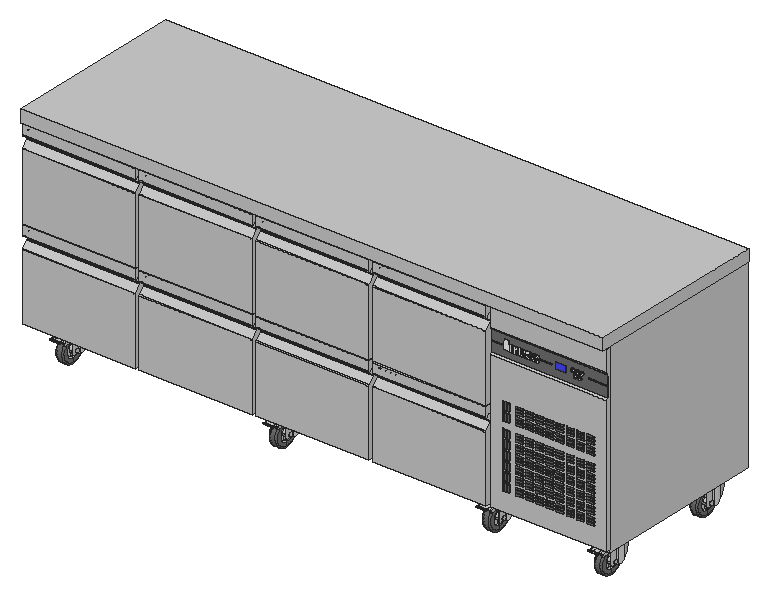
Revit family "QF_INOMAK_PNRP9999_250513010757", category Specialty Equipment, Revit 2021 (continued)
Definition of nested family "QF_INOMAK_REF_COUNTERS_DOORS_DRAWERS_6956"
  Definition of nested family "3_Drawers_1-3"
    Forms (mm)
      Extrusion 3, solid, visible <- "3 Drawers", detail levels coarse
        sketch origin (0, -640.463, 453.333) x (0, 1, 0) y (-1, 0, 0)
          loop
            line (-49.537, -35) -> (-624.582, -35) -> (-624.582, -1165) -> (-49.537, -1165) -> (-49.537, -35)
        from 0 to 293.667
      Extrusion 4, solid, visible <- "3 Drawers", detail levels coarse
        sketch origin (0, -700, 154) x (-1, 0, 0) y (0, 1, 0)
          loop
            line (-35, 10) -> (-1165, 10) -> (-1165, -565.045) -> (-35, -565.045) -> (-35, 10)
        from 0 to -294
      Extrusion 5, solid, material <- "Finish", visible <- "3 Drawers"
        sketch origin (35, 0, -220.667) x (0, -1, 0) y (0, 0, 1)
          loop
            line (690, 674) -> (690, 882.031)
            arc (690, 882.031) -> (689.866, 882.704) -> (689.485, 883.274) r 1.757
            line (689.485, 883.274) -> (666.663, 906.096)
            arc (666.663, 906.096) -> (665.976, 907.125) -> (665.734, 908.339) r 3.172
            line (665.734, 908.339) -> (665.734, 935.243)
            arc (665.734, 935.243) -> (666.433, 936.929) -> (668.119, 937.628) r 2.385
            line (668.119, 937.628) -> (680.029, 937.628) -> (686.544, 928.324)
            arc (686.544, 928.324) -> (688.671, 927.602) -> (690, 929.414) r 1.9
            line (690, 929.414) -> (690, 967.667) -> (648, 967.667) -> (648, 674) -> (690, 674)
        from 0 to -1130
      Extrusion 6, solid, material <- "Finish", visible <- "3 Drawers"
        sketch origin (35, 0, -441.333) x (0, -1, 0) y (0, 0, 1)
          loop
            line (690, 595.333) -> (690, 800.031)
            arc (690, 800.031) -> (689.866, 800.704) -> (689.485, 801.274) r 1.757
            line (689.485, 801.274) -> (666.663, 824.096)
            arc (666.663, 824.096) -> (665.976, 825.125) -> (665.734, 826.339) r 3.172
            line (665.734, 826.339) -> (665.734, 857.243)
            arc (665.734, 857.243) -> (666.433, 858.929) -> (668.119, 859.628) r 2.385
            line (668.119, 859.628) -> (680.029, 859.628) -> (686.544, 850.324)
            arc (686.544, 850.324) -> (688.671, 849.602) -> (690, 851.414) r 1.9
            line (690, 851.414) -> (690, 889.333) -> (648, 889.333) -> (648, 595.333) -> (690, 595.333)
        from 0 to -1130
    Lines and regions (mm)
      symbolic lines, visible <- "3 Drawers"
        curve 1: line (35, -850, 900) -> (35, -890, 900)
        curve 2: line (35, -890, 900) -> (1165, -890, 900)
        curve 3: line (1165, -890, 900) -> (1165, -850, 900)
        curve 4: line (1165, -850, 900) -> (35, -850, 900)
        curve 5: line (1135, -850, 900) -> (1135, -700, 900)
        curve 6: line (65, -850, 900) -> (65, -700, 900)
        curve 7: line (35, -1040, 900) -> (35, -1080, 900)
        curve 8: line (35, -1080, 900) -> (1165, -1080, 900)
        curve 9: line (1165, -1080, 900) -> (1165, -1040, 900)
        curve 10: line (1165, -1040, 900) -> (35, -1040, 900)
        curve 11: line (1135, -1040, 900) -> (1135, -890, 900)
        curve 12: line (65, -1040, 900) -> (65, -890, 900)
        curve 13: line (35, -1225, 900) -> (35, -1265, 900)
        curve 14: line (35, -1265, 900) -> (1165, -1265, 900)
        curve 15: line (1165, -1265, 900) -> (1165, -1225, 900)
        curve 16: line (1165, -1225, 900) -> (35, -1225, 900)
        curve 17: line (1135, -1225, 900) -> (1135, -1080, 900)
        curve 18: line (65, -1225, 900) -> (65, -1080, 900)
    Dimensions and locks
      "Length Actual": plane 3 "Left" to plane 4 "Right"
      "Depth Actual": plane 5 "Front" to plane 1 "Back"
      "Height Actual": plane 6 "Top" to plane 8 "Legs top"
      "Front inset": plane 7 "Front legs" to plane 5 "Front"
      "Plinth height": plane 8 "Legs top" to plane 2
      "Rear inset": plane 9 "Backsplash thickness" to plane 1 "Back"
      "Right panel thickness": plane 11 "Right panel" to plane 4 "Right"
      "Left panel thickness": plane 3 "Left" to plane 10 "Left panel"
      plane 14 to plane 15 = 4.667 mm
      equal spacing: plane 14, plane 12, plane 15
      locked: plane 16 to plane 13 at 2
      equal spacing: plane 18, plane 17, plane 19
      plane 18 to plane 19 = 5.333 mm
      "Bottom inset": plane 20 to plane 8 "Legs top"
      equal spacing: plane 21, plane 17, plane 12, plane 16
      "Top inset": plane 13 to plane 6 "Top"
      locked: plane 21 to plane 20 at 2
      aligned and locked: level to plane 2
      aligned and locked: Extrusion 1 to plane 11 "Right panel"
      aligned and locked: plane 10 "Left panel" to curve 1
      aligned and locked: plane 10 "Left panel" to curve 7
      aligned and locked: plane 10 "Left panel" to curve 13
      aligned and locked: Extrusion 2 sketch curve to plane 10 "Left panel"
      aligned and locked: plane 11 "Right panel" to Extrusion 2 sketch curve
      aligned and locked: Extrusion 3 sketch curve to plane 10 "Left panel"
      aligned and locked: plane 11 "Right panel" to Extrusion 3 sketch curve
      aligned and locked: Extrusion 4 sketch curve to plane 10 "Left panel"
      aligned and locked: plane 11 "Right panel" to Extrusion 4 sketch curve
      aligned and locked: Extrusion 2 to plane 13
      aligned and locked: Extrusion 3 to plane 15
      aligned and locked: Extrusion 4 to plane 19
      aligned and locked: Extrusion 5 to plane 11 "Right panel"
      aligned and locked: Extrusion 6 to plane 11 "Right panel"
      aligned and locked: Extrusion 1 sketch curve to plane 13
      aligned and locked: Extrusion 1 sketch curve to plane 7 "Front legs"
      aligned and locked: plane 18 to Extrusion 5 sketch curve
      aligned and locked: Extrusion 6 sketch curve to Extrusion 4  (x2)
      aligned and locked: Extrusion 5 sketch curve to plane 15
      aligned and locked: Extrusion 4 to Extrusion 5 sketch curve
      aligned and locked: Extrusion 6 sketch curve to plane 19
      aligned and locked: Extrusion 6 sketch curve to plane 20
    Automatic sketch dimensions
      Extrusion 2 sketch curve to plane 7 "Front legs" = 0 mm
      Extrusion 2 sketch curve to plane 5 "Front" = 565.045 mm
      Extrusion 3 sketch curve to plane 7 "Front legs" = 0 mm
      Extrusion 3 sketch curve to plane 5 "Front" = 565.045 mm
      Extrusion 4 sketch curve to plane 7 "Front legs" = 0 mm
      Extrusion 4 sketch curve to plane 5 "Front" = 565.045 mm
      curve 14 to plane 11 "Right panel" = 0 mm
      curve 8 to plane 11 "Right panel" = 0 mm
      curve 3 to plane 11 "Right panel" = 0 mm
      curve 6 to plane 5 "Front" = 0 mm
      curve 5 to plane 5 "Front" = 0 mm
      curve 1 to plane 5 "Front" = 150 mm
      curve 2 to curve 3 = 40 mm
      curve 10 to curve 1 = 150 mm
      curve 9 to curve 9 = 40 mm
      curve 13 to curve 7 = 145 mm
      curve 14 to curve 13 = 40 mm
      curve 3 to curve 5 = 30 mm
      curve 15 to curve 17 = 30 mm
      curve 11 to curve 17 = 0 mm
      curve 6 to plane 10 "Left panel" = 30 mm
      curve 18 to plane 10 "Left panel" = 30 mm
      curve 12 to curve 18 = 0 mm
      Extrusion 1 sketch curve to plane 14 = 0 mm
      Extrusion 1 sketch curve to plane 7 "Front legs" = 0 mm
      plane 7 "Front legs" to Extrusion 1 sketch curve = 0.515 mm
      plane 7 "Front legs" to Extrusion 1 sketch curve = 1.757 mm
      plane 7 "Front legs" to Extrusion 1 sketch curve = 1.9 mm
      Extrusion 1 sketch curve to Extrusion 1 sketch curve = 1.556 mm
      plane 7 "Front legs" to Extrusion 1 sketch curve = 9.971 mm
      plane 7 "Front legs" to Extrusion 1 sketch curve = 21.094 mm
      Extrusion 1 sketch curve to Extrusion 1 sketch curve = 11.91 mm
      Extrusion 1 sketch curve to Extrusion 1 sketch curve = 2.243 mm
      Extrusion 1 sketch curve to Extrusion 1 sketch curve = 2.385 mm
      Extrusion 1 sketch curve to Extrusion 1 sketch curve = 20.119 mm
      plane 13 to Extrusion 1 sketch curve = 85.635 mm
      Extrusion 1 sketch curve to Extrusion 1 sketch curve = 22.822 mm
      Extrusion 1 sketch curve to Extrusion 1 sketch curve = 19.985 mm
      Extrusion 1 sketch curve to Extrusion 1 sketch curve = 6.919 mm
      plane 15 to Extrusion 5 sketch curve = 59.328 mm
      Extrusion 5 sketch curve to Extrusion 5 sketch curve = 17.734 mm
      plane 15 to Extrusion 5 sketch curve = 61.571 mm
      Extrusion 5 sketch curve to Extrusion 5 sketch curve = 0.929 mm
      Extrusion 5 sketch curve to Extrusion 5 sketch curve = 2.385 mm
      Extrusion 5 sketch curve to Extrusion 5 sketch curve = 11.91 mm
      Extrusion 5 sketch curve to Extrusion 5 sketch curve = 6.515 mm
      Extrusion 5 sketch curve to Extrusion 5 sketch curve = 1.556 mm
      Extrusion 5 sketch curve to Extrusion 5 sketch curve = 21.58 mm
      plane 15 to Extrusion 5 sketch curve = 84.393 mm
      Extrusion 5 sketch curve to Extrusion 5 sketch curve = 1.242 mm
      Extrusion 5 sketch curve to Extrusion 5 sketch curve = 1.9 mm
      Extrusion 5 sketch curve to Extrusion 5 sketch curve = 0.515 mm
      Extrusion 5 sketch curve to Extrusion 5 sketch curve = 6.919 mm
      Extrusion 5 sketch curve to Extrusion 5 sketch curve = 30.039 mm
      plane 7 "Front legs" to Extrusion 6 sketch curve = 0.515 mm
      plane 7 "Front legs" to Extrusion 6 sketch curve = 1.757 mm
      plane 7 "Front legs" to Extrusion 6 sketch curve = 1.9 mm
      Extrusion 6 sketch curve to Extrusion 6 sketch curve = 1.556 mm
      plane 7 "Front legs" to Extrusion 6 sketch curve = 9.971 mm
      plane 7 "Front legs" to Extrusion 6 sketch curve = 21.094 mm
      Extrusion 6 sketch curve to Extrusion 6 sketch curve = 11.91 mm
      Extrusion 6 sketch curve to Extrusion 6 sketch curve = 2.243 mm
      Extrusion 6 sketch curve to Extrusion 6 sketch curve = 2.385 mm
      Extrusion 6 sketch curve to Extrusion 6 sketch curve = 20.119 mm
      plane 19 to Extrusion 6 sketch curve = 89.302 mm
      Extrusion 6 sketch curve to Extrusion 6 sketch curve = 22.822 mm
      Extrusion 6 sketch curve to Extrusion 6 sketch curve = 23.985 mm
      Extrusion 6 sketch curve to Extrusion 6 sketch curve = 6.919 mm
  Definition of nested family "2_Drawers_1-2"
    Parameters (values of type "2 Drawers 1-2")
      URL = "www.specifiglobal.com"
      Top inset [instance] = 4 mm
      Right panel thickness [instance] = 35 mm
      Rear inset [instance] = 10 mm
      Plinth height [instance] = 150 mm
      Model = ""
      Manufacturer = "DEMO CONSULTANT"
      Length Actual [instance] = 1200 mm
      Left panel thickness [instance] = 35 mm
      Height Actual [instance] = 900 mm
      Front inset [instance] = 10 mm
      Finish = none
      Doors drawers type [instance] = 4
      Description = ""
      Depth Actual [instance] = 700 mm
      Default Elevation = 0 mm
      Bottom inset [instance] = 4 mm
      Assembly Code = "E1090320"
      2 Drawers [instance] = Doors drawers type = 4  # yes
    Reference planes
      plane 1 "Back": y = 0
      plane 2: z = 0
      plane 3 "Left": x = 0
      plane 4 "Right": x = 1200
      plane 5 "Front": y = -700
      plane 6 "Top": z = 1050
      plane 7 "Front legs": y = -690
      plane 8 "Legs top": z = 150
      plane 9 "Backsplash thickness": y = -10
      plane 10 "Left panel": x = 35
      plane 11 "Right panel": x = 1165
      plane 12: z = 600
      plane 13: z = 1046
      plane 14: z = 602
      plane 15: z = 598
      plane 16: z = 154
    Forms (mm)
      Extrusion 1, solid, material <- "Finish", visible <- "2 Drawers"
        sketch origin (35, 0, 0) x (0, -1, 0) y (0, 0, 1)
          loop
            line (690, 602) -> (690, 960.365)
            arc (690, 960.365) -> (689.866, 961.037) -> (689.485, 961.607) r 1.757
            line (689.485, 961.607) -> (666.663, 984.429)
            arc (666.663, 984.429) -> (665.976, 985.458) -> (665.734, 986.672) r 3.172
            line (665.734, 986.672) -> (665.734, 1013.576)
            arc (665.734, 1013.576) -> (666.433, 1015.262) -> (668.119, 1015.961) r 2.385
            line (668.119, 1015.961) -> (680.029, 1015.961) -> (686.544, 1006.657)
            arc (686.544, 1006.657) -> (688.671, 1005.935) -> (690, 1007.747) r 1.9
            line (690, 1007.747) -> (690, 1046) -> (648, 1046) -> (648, 602) -> (690, 602)
        from 0 to -1130
      Extrusion 2, solid, visible <- "2 Drawers", detail levels coarse
        sketch origin (0, -640.463, 602) x (0, 1, 0) y (-1, 0, 0)
          loop
            line (-49.537, -35) -> (-624.537, -35) -> (-624.537, -1165) -> (-49.537, -1165) -> (-49.537, -35)
        from 0 to 444
      Extrusion 3, solid, visible <- "2 Drawers", detail levels coarse
        sketch origin (0, -700, 154) x (-1, 0, 0) y (0, 1, 0)
          loop
            line (-35, 10) -> (-1165, 10) -> (-1165, -565) -> (-35, -565) -> (-35, 10)
        from 0 to -444
      Extrusion 4, solid, material <- "Finish", visible <- "2 Drawers"
        sketch origin (35, 0, -441.333) x (0, -1, 0) y (0, 0, 1)
          loop
            line (690, 595.333) -> (690, 953.698)
            arc (690, 953.698) -> (689.866, 954.37) -> (689.485, 954.94) r 1.757
            line (689.485, 954.94) -> (666.663, 977.763)
            arc (666.663, 977.763) -> (665.976, 978.792) -> (665.734, 980.006) r 3.172
            line (665.734, 980.006) -> (665.734, 1006.909)
            arc (665.734, 1006.909) -> (666.433, 1008.596) -> (668.119, 1009.294) r 2.385
            line (668.119, 1009.294) -> (680.029, 1009.294) -> (686.544, 999.991)
            arc (686.544, 999.991) -> (688.671, 999.268) -> (690, 1001.08) r 1.9
            line (690, 1001.08) -> (690, 1039.333) -> (648, 1039.333) -> (648, 595.333) -> (690, 595.333)
        from 0 to -1130
    Lines and regions (mm)
      symbolic lines, visible <- "2 Drawers"
        curve 1: line (35, -940, 900) -> (35, -980, 900)
        curve 2: line (35, -980, 900) -> (1165, -980, 900)
        curve 3: line (1165, -980, 900) -> (1165, -940, 900)
        curve 4: line (1165, -940, 900) -> (35, -940, 900)
        curve 5: line (1135, -940, 900) -> (1135, -700, 900)
        curve 6: line (65, -940, 900) -> (65, -700, 900)
        curve 7: line (35, -1225, 900) -> (35, -1265, 900)
        curve 8: line (35, -1265, 900) -> (1165, -1265, 900)
        curve 9: line (1165, -1265, 900) -> (1165, -1225, 900)
        curve 10: line (1165, -1225, 900) -> (35, -1225, 900)
        curve 11: line (1135, -1225, 900) -> (1135, -980, 900)
        curve 12: line (65, -1225, 900) -> (65, -980, 900)
    Dimensions and locks
      "Length Actual": plane 3 "Left" to plane 4 "Right"
      "Depth Actual": plane 5 "Front" to plane 1 "Back"
      "Height Actual": plane 6 "Top" to plane 8 "Legs top"
      "Front inset": plane 7 "Front legs" to plane 5 "Front"
      "Plinth height": plane 8 "Legs top" to plane 2
      "Rear inset": plane 9 "Backsplash thickness" to plane 1 "Back"
      "Right panel thickness": plane 11 "Right panel" to plane 4 "Right"
      "Left panel thickness": plane 3 "Left" to plane 10 "Left panel"
      "Top inset": plane 6 "Top" to plane 13
      "Bottom inset": plane 16 to plane 8 "Legs top"
      equal spacing: plane 16, plane 12, plane 13
      locked: plane 14 to plane 12 at 2
      locked: plane 15 to plane 12 at 2
      aligned and locked: level to plane 2
      aligned and locked: Extrusion 1 to plane 11 "Right panel"
      aligned and locked: plane 10 "Left panel" to curve 1
      aligned and locked: plane 10 "Left panel" to curve 7
      aligned and locked: Extrusion 2 sketch curve to plane 10 "Left panel"
      aligned and locked: plane 11 "Right panel" to Extrusion 2 sketch curve
      aligned and locked: Extrusion 3 sketch curve to plane 10 "Left panel"
      aligned and locked: plane 11 "Right panel" to Extrusion 3 sketch curve
      aligned and locked: Extrusion 2 to plane 13
      aligned and locked: Extrusion 4 to plane 11 "Right panel"
      aligned and locked: Extrusion 3 to plane 15
      aligned and locked: Extrusion 1 sketch curve to plane 13
      aligned and locked: Extrusion 1 sketch curve to plane 7 "Front legs"
      aligned and locked: plane 14 to Extrusion 1 sketch curve
      aligned and locked: Extrusion 4 sketch curve to plane 15
      aligned and locked: Extrusion 4 sketch curve to plane 7 "Front legs"
      aligned and locked: Extrusion 4 sketch curve to plane 16
    Automatic sketch dimensions
      Extrusion 2 sketch curve to plane 7 "Front legs" = 0 mm
      Extrusion 2 sketch curve to plane 5 "Front" = 565 mm
      Extrusion 3 sketch curve to plane 7 "Front legs" = 0 mm
      Extrusion 3 sketch curve to plane 5 "Front" = 565 mm
      curve 9 to plane 11 "Right panel" = 0 mm
      curve 2 to plane 11 "Right panel" = 0 mm
      curve 5 to plane 5 "Front" = 0 mm
      curve 6 to plane 5 "Front" = 0 mm
      curve 1 to plane 5 "Front" = 240 mm
      curve 3 to curve 3 = 40 mm
      curve 7 to curve 1 = 245 mm
      curve 8 to curve 9 = 40 mm
      plane 11 "Right panel" to curve 5 = 30 mm
      curve 2 to curve 11 = 30 mm
      curve 6 to plane 10 "Left panel" = 30 mm
      curve 12 to plane 10 "Left panel" = 30 mm
      Extrusion 1 sketch curve to Extrusion 1 sketch curve = 17.734 mm
      Extrusion 1 sketch curve to Extrusion 1 sketch curve = 0.929 mm
      Extrusion 1 sketch curve to Extrusion 1 sketch curve = 2.385 mm
      Extrusion 1 sketch curve to Extrusion 1 sketch curve = 3.172 mm
      Extrusion 1 sketch curve to Extrusion 1 sketch curve = 11.91 mm
      Extrusion 1 sketch curve to Extrusion 1 sketch curve = 6.515 mm
      Extrusion 1 sketch curve to Extrusion 1 sketch curve = 1.556 mm
      Extrusion 1 sketch curve to Extrusion 1 sketch curve = 21.58 mm
      Extrusion 1 sketch curve to Extrusion 1 sketch curve = 1.242 mm
      Extrusion 1 sketch curve to Extrusion 1 sketch curve = 1.9 mm
      Extrusion 1 sketch curve to Extrusion 1 sketch curve = 0.515 mm
      Extrusion 1 sketch curve to Extrusion 1 sketch curve = 22.822 mm
      Extrusion 1 sketch curve to Extrusion 1 sketch curve = 19.985 mm
      Extrusion 1 sketch curve to Extrusion 1 sketch curve = 6.919 mm
      Extrusion 1 sketch curve to Extrusion 1 sketch curve = 30.039 mm
      Extrusion 4 sketch curve to plane 7 "Front legs" = 0 mm
      plane 7 "Front legs" to Extrusion 4 sketch curve = 0.515 mm
      plane 7 "Front legs" to Extrusion 4 sketch curve = 1.757 mm
      plane 7 "Front legs" to Extrusion 4 sketch curve = 1.9 mm
      Extrusion 4 sketch curve to Extrusion 4 sketch curve = 1.556 mm
      plane 7 "Front legs" to Extrusion 4 sketch curve = 9.971 mm
      plane 7 "Front legs" to Extrusion 4 sketch curve = 21.094 mm
      Extrusion 4 sketch curve to Extrusion 4 sketch curve = 11.91 mm
      Extrusion 4 sketch curve to Extrusion 4 sketch curve = 2.243 mm
      Extrusion 4 sketch curve to Extrusion 4 sketch curve = 2.385 mm
      Extrusion 4 sketch curve to Extrusion 4 sketch curve = 20.119 mm
      Extrusion 4 sketch curve to Extrusion 4 sketch curve = 22.822 mm
      Extrusion 4 sketch curve to Extrusion 4 sketch curve = 19.985 mm
      Extrusion 4 sketch curve to Extrusion 4 sketch curve = 6.919 mm
      Extrusion 4 sketch curve to Extrusion 4 sketch curve = 30.039 mm
  Definition of nested family "2_Drawers_1-3_2-3"
    Parameters (values of type "2 Drawers 1-3 and 2-3")
      URL = "www.specifiglobal.com"
      Top inset [instance] = 4 mm
      Right panel thickness [instance] = 35 mm
      Rear inset [instance] = 10 mm
      Plinth height [instance] = 150 mm
      Model = ""
      Manufacturer = "DEMO CONSULTANT"
      Length Actual [instance] = 1200 mm
      Left panel thickness [instance] = 35 mm
      Height Actual [instance] = 900 mm
      Front inset [instance] = 10 mm
      Finish = none
      Doors drawers type [instance] = 5
      Description = ""
      Depth Actual [instance] = 700 mm
      Default Elevation = 0 mm
      Bottom inset [instance] = 4 mm
      Assembly Code = "E1090320"
      2 Drawers 1-3 and 2-3 [instance] = Doors drawers type = 5  # yes
    Reference planes
      plane 1 "Back": y = 0
      plane 2: z = 0
      plane 3 "Left": x = 0
      plane 4 "Right": x = 1200
      plane 5 "Front": y = -700
      plane 6 "Top": z = 1050
      plane 7 "Front legs": y = -690
      plane 8 "Legs top": z = 150
      plane 9 "Backsplash thickness": y = -10
      plane 10 "Left panel": x = 35
      plane 11 "Right panel": x = 1165
      plane 12: z = 1046
      plane 13: z = 751.833
      plane 14: z = 746.833
      plane 15: z = 154
      plane 16: z = 450.667
      plane 17: z = 152
      plane 18: z = 1048
      plane 19: z = 749.333
    Forms (mm)
      Extrusion 1, solid, material <- "Finish", visible <- "2 Drawers 1-3 and 2-3"
        sketch origin (35, 0, 0) x (0, -1, 0) y (0, 0, 1)
          loop
            line (690, 751.833) -> (690, 960.365)
            arc (690, 960.365) -> (689.866, 961.037) -> (689.485, 961.607) r 1.757
            line (689.485, 961.607) -> (666.663, 984.429)
            arc (666.663, 984.429) -> (665.976, 985.458) -> (665.734, 986.672) r 3.172
            line (665.734, 986.672) -> (665.734, 1013.576)
            arc (665.734, 1013.576) -> (666.433, 1015.262) -> (668.119, 1015.961) r 2.385
            line (668.119, 1015.961) -> (680.029, 1015.961) -> (686.544, 1006.657)
            arc (686.544, 1006.657) -> (688.671, 1005.935) -> (690, 1007.747) r 1.9
            line (690, 1007.747) -> (690, 1046) -> (648, 1046) -> (648, 751.833) -> (690, 751.833)
        from 0 to -1130
      Extrusion 2, solid, visible <- "2 Drawers 1-3 and 2-3", detail levels coarse
        sketch origin (0, -640.463, 751.833) x (0, 1, 0) y (-1, 0, 0)
          loop
            line (-49.537, -35) -> (-624.537, -35) -> (-624.537, -1165) -> (-49.537, -1165) -> (-49.537, -35)
        from 0 to 294.167
      Extrusion 3, solid, visible <- "2 Drawers 1-3 and 2-3", detail levels coarse
        sketch origin (0, -700, 154) x (-1, 0, 0) y (0, 1, 0)
          loop
            line (-35, 10) -> (-1165, 10) -> (-1165, -565) -> (-35, -565) -> (-35, 10)
        from 0 to -592.833
      Extrusion 4, solid, material <- "Finish", visible <- "2 Drawers 1-3 and 2-3"
        sketch origin (35, 0, -441.333) x (0, -1, 0) y (0, 0, 1)
          loop
            line (690, 595.333) -> (690, 1101.698)
            arc (690, 1101.698) -> (689.866, 1102.37) -> (689.485, 1102.94) r 1.757
            line (689.485, 1102.94) -> (666.663, 1126.596)
            arc (666.663, 1126.596) -> (665.976, 1127.625) -> (665.734, 1128.839) r 3.172
            line (665.734, 1128.839) -> (665.734, 1155.743)
            arc (665.734, 1155.743) -> (666.433, 1157.429) -> (668.119, 1158.128) r 2.385
            line (668.119, 1158.128) -> (680.029, 1158.128) -> (686.544, 1148.824)
            arc (686.544, 1148.824) -> (688.671, 1148.102) -> (690, 1149.914) r 1.9
            line (690, 1149.914) -> (690, 1188.167) -> (648, 1188.167) -> (648, 595.333) -> (690, 595.333)
        from 0 to -1130
    Lines and regions (mm)
      symbolic lines, visible <- "2 Drawers 1-3 and 2-3"
        curve 1: line (35, -1000, 900) -> (35, -1040, 900)
        curve 2: line (35, -1040, 900) -> (1165, -1040, 900)
        curve 3: line (1165, -1040, 900) -> (1165, -1000, 900)
        curve 4: line (1165, -1000, 900) -> (35, -1000, 900)
        curve 5: line (1135, -1000, 900) -> (1135, -700, 900)
        curve 6: line (65, -1000, 900) -> (65, -700, 900)
        curve 7: line (35, -1225, 900) -> (35, -1265, 900)
        curve 8: line (35, -1265, 900) -> (1165, -1265, 900)
        curve 9: line (1165, -1265, 900) -> (1165, -1225, 900)
        curve 10: line (1165, -1225, 900) -> (35, -1225, 900)
        curve 11: line (1135, -1225, 900) -> (1135, -1040, 900)
        curve 12: line (65, -1225, 900) -> (65, -1040, 900)
    Dimensions and locks
      "Length Actual": plane 3 "Left" to plane 4 "Right"
      "Depth Actual": plane 5 "Front" to plane 1 "Back"
      "Height Actual": plane 6 "Top" to plane 8 "Legs top"
      "Front inset": plane 7 "Front legs" to plane 5 "Front"
      "Plinth height": plane 8 "Legs top" to plane 2
      "Rear inset": plane 9 "Backsplash thickness" to plane 1 "Back"
      "Right panel thickness": plane 11 "Right panel" to plane 4 "Right"
      "Left panel thickness": plane 3 "Left" to plane 10 "Left panel"
      "Top inset": plane 6 "Top" to plane 12
      locked: plane 13 to plane 14 at 5
      "Bottom inset": plane 15 to plane 8 "Legs top"
      equal spacing: plane 17, plane 16, plane 19, plane 18
      equal spacing: plane 12, plane 18, plane 6 "Top"
      equal spacing: plane 14, plane 19, plane 13
      equal spacing: plane 15, plane 17, plane 8 "Legs top"
      aligned and locked: level to plane 2
      aligned and locked: Extrusion 1 to plane 11 "Right panel"
      aligned and locked: plane 10 "Left panel" to curve 1
      aligned and locked: plane 10 "Left panel" to curve 7
      aligned and locked: Extrusion 2 sketch curve to plane 10 "Left panel"
      aligned and locked: plane 11 "Right panel" to Extrusion 2 sketch curve
      aligned and locked: Extrusion 3 sketch curve to plane 10 "Left panel"
      aligned and locked: plane 11 "Right panel" to Extrusion 3 sketch curve
      aligned and locked: Extrusion 2 to plane 12
      aligned and locked: Extrusion 4 to plane 11 "Right panel"
      aligned and locked: Extrusion 3 to plane 14
      aligned and locked: plane 13 to Extrusion 1 sketch curve
      aligned and locked: Extrusion 2 to Extrusion 1 sketch curve
      aligned and locked: Extrusion 3 to Extrusion 4 sketch curve
      aligned and locked: Extrusion 4 sketch curve to Extrusion 3  (x2)
      aligned and locked: Extrusion 1 sketch curve to plane 7 "Front legs"
    Automatic sketch dimensions
      Extrusion 2 sketch curve to plane 7 "Front legs" = 0 mm
      Extrusion 2 sketch curve to plane 5 "Front" = 565 mm
      Extrusion 3 sketch curve to plane 7 "Front legs" = 0 mm
      Extrusion 3 sketch curve to plane 5 "Front" = 565 mm
      curve 9 to plane 11 "Right panel" = 0 mm
      curve 2 to plane 11 "Right panel" = 0 mm
      curve 5 to plane 5 "Front" = 0 mm
      curve 6 to plane 5 "Front" = 0 mm
      curve 1 to plane 5 "Front" = 300 mm
      curve 3 to curve 3 = 40 mm
      curve 7 to curve 1 = 185 mm
      curve 8 to curve 9 = 40 mm
      plane 11 "Right panel" to curve 5 = 30 mm
      curve 11 to curve 5 = 0 mm
      curve 6 to plane 10 "Left panel" = 30 mm
      curve 12 to curve 6 = 0 mm
      Extrusion 1 sketch curve to plane 7 "Front legs" = 0 mm
      plane 7 "Front legs" to Extrusion 1 sketch curve = 0.515 mm
      plane 7 "Front legs" to Extrusion 1 sketch curve = 1.757 mm
      plane 7 "Front legs" to Extrusion 1 sketch curve = 1.9 mm
      Extrusion 1 sketch curve to Extrusion 1 sketch curve = 1.556 mm
      plane 7 "Front legs" to Extrusion 1 sketch curve = 9.971 mm
      plane 7 "Front legs" to Extrusion 1 sketch curve = 21.094 mm
      Extrusion 1 sketch curve to Extrusion 1 sketch curve = 11.91 mm
      Extrusion 1 sketch curve to Extrusion 1 sketch curve = 2.243 mm
      Extrusion 1 sketch curve to Extrusion 1 sketch curve = 2.385 mm
      Extrusion 1 sketch curve to Extrusion 1 sketch curve = 20.119 mm
      plane 12 to Extrusion 1 sketch curve = 85.635 mm
      Extrusion 1 sketch curve to Extrusion 1 sketch curve = 22.822 mm
      Extrusion 1 sketch curve to Extrusion 1 sketch curve = 19.985 mm
      Extrusion 1 sketch curve to Extrusion 1 sketch curve = 6.919 mm
      plane 12 to Extrusion 1 sketch curve = 0 mm
      Extrusion 4 sketch curve to plane 7 "Front legs" = 0 mm
      plane 7 "Front legs" to Extrusion 4 sketch curve = 0.515 mm
      plane 7 "Front legs" to Extrusion 4 sketch curve = 1.9 mm
      Extrusion 4 sketch curve to Extrusion 4 sketch curve = 1.556 mm
      plane 7 "Front legs" to Extrusion 4 sketch curve = 9.971 mm
      plane 7 "Front legs" to Extrusion 4 sketch curve = 21.094 mm
      Extrusion 4 sketch curve to Extrusion 4 sketch curve = 11.91 mm
      Extrusion 4 sketch curve to Extrusion 4 sketch curve = 2.243 mm
      Extrusion 4 sketch curve to Extrusion 4 sketch curve = 2.385 mm
      Extrusion 4 sketch curve to Extrusion 4 sketch curve = 20.119 mm
      Extrusion 4 sketch curve to Extrusion 4 sketch curve = 86.469 mm
      Extrusion 4 sketch curve to Extrusion 4 sketch curve = 23.656 mm
      Extrusion 4 sketch curve to Extrusion 4 sketch curve = 19.985 mm
      Extrusion 4 sketch curve to Extrusion 4 sketch curve = 6.919 mm
      plane 7 "Front legs" to Extrusion 4 sketch curve = 1.757 mm
  Definition of nested family "Sliding_Doors"
    Parameters (values of type "Sliding doors")
      URL = "www.specifiglobal.com"
      Top inset [instance] = 4 mm
      Sliding doors [instance] = Doors drawers type = 2  # yes
      Right panel thickness [instance] = 35 mm
      Rear inset [instance] = 10 mm
      Plinth height [instance] = 150 mm
      Model = ""
      Manufacturer = "DEMO CONSULTANT"
      Length Actual [instance] = 1200 mm
      Left panel thickness [instance] = 35 mm
      Height Actual [instance] = 900 mm
      Front inset [instance] = 10 mm
      Finish [instance] = none
      Doors drawers type [instance] = 2
      Description = ""
      Depth Actual [instance] = 700 mm
      Default Elevation = 0 mm
      Bottom inset [instance] = 4 mm
      Assembly Code = "E1090320"
    Reference planes
      plane 1 "Back": y = 0
      plane 2: z = 0
      plane 3 "Left": x = 0
      plane 4 "Right": x = 1200
      plane 5 "Front": y = -700
      plane 6 "Top": z = 1050
      plane 7 "Front legs": y = -690
      plane 8 "Legs top": z = 150
      plane 9 "Backsplash thickness": y = -10
      plane 10: x = 35
      plane 11: x = 1165
      plane 12 "Center Left-Right": x = 600
      plane 13: z = 154
      plane 14: z = 1046
    Forms (mm)
      Extrusion 1, solid, material <- "Finish", visible <- "Sliding doors"
        sketch origin (0, -690, 154) x (-1, 0, 0) y (0, 1, 0)
          loop
            line (-35, 10) -> (-35, 20) -> (-620, 20) -> (-620, 0) -> (-91.156, 0)
            arc (-91.156, 0) -> (-85.272, 0.885) -> (-79.91, 3.461) r 20
            line (-79.91, 3.461) -> (-60, 17) -> (-38, 17) -> (-38, 10)
            arc (-38, 10) -> (-40.05, 5.05) -> (-45, 3) r 7
            line (-45, 3) -> (-50.012, 3) -> (-50.012, 0) -> (-45, 0)
            arc (-45, 0) -> (-37.929, 2.929) -> (-35, 10) r 10
        from 0 to -892
      Extrusion 2, solid, material <- "Finish", visible <- "Sliding doors"
        sketch origin (0, -689, 154) x (-1, 0, 0) y (0, 1, 0)
          loop
            arc (-1065, 30) -> (-1062.071, 22.929) -> (-1055, 20) r 10
            line (-1055, 20) -> (-1049.988, 20) -> (-1049.988, 23) -> (-1055, 23)
            arc (-1055, 23) -> (-1059.95, 25.05) -> (-1062, 30) r 7
            line (-1062, 30) -> (-1062, 37) -> (-1040, 37) -> (-1020.09, 23.461)
            arc (-1020.09, 23.461) -> (-1014.728, 20.885) -> (-1008.844, 20) r 20
            line (-1008.844, 20) -> (-480, 20) -> (-480, 40) -> (-1065, 40) -> (-1065, 30)
        from 0 to -892
    Lines and regions (mm)
      symbolic lines, visible <- "Sliding doors"
        curve 1: line (1065, -649, 150) -> (480, -649, 150)
        curve 2: line (1065, -669, 150) -> (1065, -649, 150)
        curve 3: line (480, -669, 150) -> (1065, -669, 150)
        curve 4: line (480, -649, 150) -> (480, -669, 150)
        curve 5: line (620, -690, 150) -> (35, -690, 150)
        curve 6: line (620, -670, 150) -> (620, -690, 150)
        curve 7: line (35, -670, 150) -> (620, -670, 150)
        curve 8: line (35, -690, 150) -> (35, -670, 150)
    Dimensions and locks
      "Length Actual": plane 3 "Left" to plane 4 "Right"
      "Depth Actual": plane 5 "Front" to plane 1 "Back"
      "Height Actual": plane 6 "Top" to plane 8 "Legs top"
      "Front inset": plane 7 "Front legs" to plane 5 "Front"
      "Plinth height": plane 8 "Legs top" to plane 2
      "Rear inset": plane 9 "Backsplash thickness" to plane 1 "Back"
      "Right panel thickness": plane 11 to plane 4 "Right"
      "Left panel thickness": plane 3 "Left" to plane 10
      equal spacing: plane 10, plane 12 "Center Left-Right", plane 11
      "Top inset": plane 6 "Top" to plane 14
      "Bottom inset": plane 13 to plane 8 "Legs top"
      locked: plane 12 "Center Left-Right" to curve 4 at 120
      locked: plane 12 "Center Left-Right" to curve 5 at 20
      locked: plane 11 to curve 1 at 100
      aligned and locked: level to plane 2
      aligned and locked: Extrusion 1 sketch curve to plane 7 "Front legs"
      aligned and locked: Extrusion 1 sketch curve to plane 10
      aligned and locked: Extrusion 1 to plane 14
      aligned and locked: Extrusion 2 to plane 14
      aligned and locked: curve 8 to plane 10
    Automatic sketch dimensions
      Extrusion 2 sketch curve to Extrusion 2 sketch curve = 0 mm  (x2)
      plane 11 to Extrusion 2 sketch curve = 100 mm
      Extrusion 2 sketch curve to Extrusion 2 sketch curve = 3 mm
      Extrusion 2 sketch curve to Extrusion 2 sketch curve = 7 mm  (x2)
      Extrusion 2 sketch curve to Extrusion 2 sketch curve = 5.012 mm
      plane 7 "Front legs" to Extrusion 2 sketch curve = 38 mm
      Extrusion 2 sketch curve to Extrusion 2 sketch curve = 15 mm
      plane 7 "Front legs" to Extrusion 2 sketch curve = 24.461 mm
      Extrusion 2 sketch curve to Extrusion 2 sketch curve = 19.91 mm
      Extrusion 2 sketch curve to Extrusion 2 sketch curve = 11.246 mm
      Extrusion 2 sketch curve to plane 12 "Center Left-Right" = 120 mm
      Extrusion 2 sketch curve to Extrusion 2 sketch curve = 16.539 mm
      Extrusion 2 sketch curve to Extrusion 2 sketch curve = 20 mm
      Extrusion 1 sketch curve to Extrusion 1 sketch curve = 0 mm  (x2)
      Extrusion 1 sketch curve to plane 7 "Front legs" = 0 mm
      Extrusion 1 sketch curve to plane 10 = 3 mm
      Extrusion 1 sketch curve to Extrusion 1 sketch curve = 7 mm
      Extrusion 1 sketch curve to Extrusion 1 sketch curve = 5.012 mm
      Extrusion 1 sketch curve to Extrusion 1 sketch curve = 15 mm
      plane 7 "Front legs" to Extrusion 1 sketch curve = 3.461 mm
      Extrusion 1 sketch curve to Extrusion 1 sketch curve = 19.91 mm
      Extrusion 1 sketch curve to Extrusion 1 sketch curve = 11.246 mm
      plane 12 "Center Left-Right" to Extrusion 1 sketch curve = 20 mm
      Extrusion 1 sketch curve to Extrusion 1 sketch curve = 20 mm
      Extrusion 1 sketch curve to Extrusion 1 sketch curve = 3 mm
      curve 8 to plane 7 "Front legs" = 0 mm
      curve 5 to curve 6 = 20 mm
      plane 7 "Front legs" to curve 2 = 21 mm
      curve 2 to curve 2 = 20 mm
  Definition of nested family "4_Drawers_1-4"
    Parameters (values of type "4 Drawers 1-4")
      URL = "www.specifiglobal.com"
      Top inset [instance] = 4 mm
      Right panel thickness [instance] = 35 mm
      Rear inset [instance] = 10 mm
      Plinth height [instance] = 150 mm
      Model = ""
      Manufacturer = "DEMO CONSULTANT"
      Length Actual [instance] = 1200 mm
      Left panel thickness [instance] = 35 mm
      Height Actual [instance] = 900 mm
      Front inset [instance] = 10 mm
      Finish [instance] = none
      Doors drawers type [instance] = 7
      Description = ""
      Depth Actual [instance] = 700 mm
      Default Elevation = 0 mm
      Bottom inset [instance] = 4 mm
      Assembly Code = "E1090320"
      4 Drawers [instance] = Doors drawers type = 7  # yes
    Reference planes
      plane 1 "Back": y = 0
      plane 2: z = 0
      plane 3 "Left": x = 0
      plane 4 "Right": x = 1200
      plane 5 "Front": y = -700
      plane 6 "Top": z = 1050
      plane 7 "Front legs": y = -690
      plane 8 "Legs top": z = 150
      plane 9 "Backsplash thickness": y = -10
      plane 10 "Left panel": x = 35
      plane 11 "Right panel": x = 1165
      plane 12: z = 824.25
      plane 13: z = 1046
      plane 14: z = 826.083
      plane 15: z = 822.417
      plane 16: z = 1048.5
      plane 17: z = 375.75
      plane 18: z = 377.917
      plane 19: z = 373.583
      plane 20: z = 154
      plane 21: z = 151.5
      plane 22: z = 600
      plane 23: z = 601.833
      plane 24: z = 598.167
    Forms (mm)
      Extrusion 1, solid, material <- "Finish", visible <- "4 Drawers"
        sketch origin (35, 0, -1) x (0, -1, 0) y (0, 0, 1)
          loop
            line (680, 1047) -> (670, 1047) -> (670, 827.083) -> (690, 827.083) -> (690, 990.844)
            arc (690, 990.844) -> (689.115, 996.728) -> (686.539, 1002.09) r 20
            line (686.539, 1002.09) -> (673, 1022) -> (673, 1044) -> (680, 1044)
            arc (680, 1044) -> (684.95, 1041.95) -> (687, 1037) r 7
            line (687, 1037) -> (687, 1031.988) -> (690, 1031.988) -> (690, 1037)
            arc (690, 1037) -> (687.071, 1044.071) -> (680, 1047) r 10
        from 0 to -1130
      Extrusion 2, solid, visible <- "4 Drawers", detail levels coarse
        sketch origin (0, -640.463, 826.083) x (0, 1, 0) y (-1, 0, 0)
          loop
            line (-49.537, -35) -> (-624.537, -35) -> (-624.537, -1165) -> (-49.537, -1165) -> (-49.537, -35)
        from 0 to 219.917
      Extrusion 3, solid, visible <- "4 Drawers", detail levels coarse
        sketch origin (0, -700, 154) x (-1, 0, 0) y (0, 1, 0)
          loop
            line (-35, 10) -> (-1165, 10) -> (-1165, -565) -> (-35, -565) -> (-35, 10)
        from 0 to -219.583
      Extrusion 4, solid, material <- "Finish", visible <- "4 Drawers"
        sketch origin (35, 0, -440.333) x (0, -1, 0) y (0, 0, 1)
          loop
            line (680, 813.917) -> (670, 813.917) -> (670, 594.333) -> (690, 594.333) -> (690, 757.761)
            arc (690, 757.761) -> (689.115, 763.644) -> (686.539, 769.007) r 20
            line (686.539, 769.007) -> (673, 788.917) -> (673, 810.917) -> (680, 810.917)
            arc (680, 810.917) -> (684.95, 808.866) -> (687, 803.917) r 7
            line (687, 803.917) -> (687, 798.904) -> (690, 798.904) -> (690, 803.917)
            arc (690, 803.917) -> (687.071, 810.988) -> (680, 813.917) r 10
        from 0 to -1130
      Extrusion 5, solid, material <- "Finish", visible <- "4 Drawers"
        sketch origin (35, 0, -165.333) x (0, -1, 0) y (0, 0, 1)
          loop
            line (680, 987.75) -> (670, 987.75) -> (670, 767.167) -> (690, 767.167) -> (690, 931.594)
            arc (690, 931.594) -> (689.115, 937.478) -> (686.539, 942.84) r 20
            line (686.539, 942.84) -> (673, 962.75) -> (673, 984.75) -> (680, 984.75)
            arc (680, 984.75) -> (684.95, 982.7) -> (687, 977.75) r 7
            line (687, 977.75) -> (687, 972.738) -> (690, 972.738) -> (690, 977.75)
            arc (690, 977.75) -> (687.071, 984.821) -> (680, 987.75) r 10
        from 0 to -1130
      Extrusion 6, solid, material <- "Finish", visible <- "4 Drawers"
        sketch origin (35, 0, -330.333) x (0, -1, 0) y (0, 0, 1)
          loop
            line (680, 928.5) -> (670, 928.5) -> (670, 708.25) -> (690, 708.25) -> (690, 872.344)
            arc (690, 872.344) -> (689.115, 878.228) -> (686.539, 883.59) r 20
            line (686.539, 883.59) -> (673, 903.5) -> (673, 925.5) -> (680, 925.5)
            arc (680, 925.5) -> (684.95, 923.45) -> (687, 918.5) r 7
            line (687, 918.5) -> (687, 913.488) -> (690, 913.488) -> (690, 918.5)
            arc (690, 918.5) -> (687.071, 925.571) -> (680, 928.5) r 10
        from 0 to -1130
      Extrusion 7, solid, visible <- "4 Drawers", detail levels coarse
        sketch origin (0, -500.463, 601.833) x (0, 1, 0) y (-1, 0, 0)
          loop
            line (-189.537, -35) -> (-764.537, -35) -> (-764.537, -1165) -> (-189.537, -1165) -> (-189.537, -35)
        from 0 to 220.583
      Extrusion 8, solid, visible <- "4 Drawers", detail levels coarse
        sketch origin (0, -540.463, 377.917) x (0, 1, 0) y (-1, 0, 0)
          loop
            line (-149.537, -35) -> (-724.537, -35) -> (-724.537, -1165) -> (-149.537, -1165) -> (-149.537, -35)
        from 0 to 220.25
    Lines and regions (mm)
      symbolic lines, visible <- "4 Drawers"
        curve 1: line (35, -945, 900) -> (35, -985, 900)
        curve 2: line (35, -985, 900) -> (1165, -985, 900)
        curve 3: line (1165, -985, 900) -> (1165, -945, 900)
        curve 4: line (1165, -945, 900) -> (35, -945, 900)
        curve 5: line (1135, -945, 900) -> (1135, -845, 900)
        curve 6: line (65, -945, 900) -> (65, -845, 900)
        curve 7: line (35, -1085, 900) -> (35, -1125, 900)
        curve 8: line (35, -1125, 900) -> (1165, -1125, 900)
        curve 9: line (1165, -1125, 900) -> (1165, -1085, 900)
        curve 10: line (1165, -1085, 900) -> (35, -1085, 900)
        curve 11: line (1135, -1085, 900) -> (1135, -985, 900)
        curve 12: line (65, -1085, 900) -> (65, -985, 900)
        curve 13: line (35, -1225, 900) -> (35, -1265, 900)
        curve 14: line (35, -1265, 900) -> (1165, -1265, 900)
        curve 15: line (1165, -1265, 900) -> (1165, -1225, 900)
        curve 16: line (1165, -1225, 900) -> (35, -1225, 900)
        curve 17: line (1135, -1225, 900) -> (1135, -1125, 900)
        curve 18: line (65, -1225, 900) -> (65, -1125, 900)
        curve 19: line (35, -805, 900) -> (35, -845, 900)
        curve 20: line (35, -845, 900) -> (1165, -845, 900)
        curve 21: line (1165, -845, 900) -> (1165, -805, 900)
        curve 22: line (1165, -805, 900) -> (35, -805, 900)
        curve 23: line (65, -805, 900) -> (65, -700, 900)
        curve 24: line (1135, -805, 900) -> (1135, -700, 900)
    Dimensions and locks
      "Length Actual": plane 3 "Left" to plane 4 "Right"
      "Depth Actual": plane 5 "Front" to plane 1 "Back"
      "Height Actual": plane 6 "Top" to plane 8 "Legs top"
      "Front inset": plane 7 "Front legs" to plane 5 "Front"
      "Plinth height": plane 8 "Legs top" to plane 2
      "Rear inset": plane 9 "Backsplash thickness" to plane 1 "Back"
      "Right panel thickness": plane 11 "Right panel" to plane 4 "Right"
      "Left panel thickness": plane 3 "Left" to plane 10 "Left panel"
      locked: plane 14 to plane 15 at 3.667
      equal spacing: plane 14, plane 12, plane 15
      locked: plane 23 to plane 24 at 3.667
      equal spacing: plane 23, plane 22, plane 24
      "Bottom inset": plane 20 to plane 8 "Legs top"
      equal spacing: plane 19, plane 17, plane 18
      locked: plane 19 to plane 18 at 4.333
      equal spacing: plane 21, plane 17, plane 22, plane 12, plane 16
      locked: plane 13 to plane 16 at 2.5
      "Top inset": plane 13 to plane 6 "Top"
      locked: plane 21 to plane 20 at 2.5
      aligned and locked: level to plane 2
      aligned and locked: plane 7 "Front legs" to Extrusion 1 sketch curve  (x2)
      aligned and locked: Extrusion 1 to plane 11 "Right panel"
      aligned and locked: Extrusion 1 sketch curve to plane 13
      aligned and locked: Extrusion 1 sketch curve to plane 14
      aligned and locked: plane 10 "Left panel" to curve 1
      aligned and locked: plane 10 "Left panel" to curve 7
      aligned and locked: plane 10 "Left panel" to curve 13
      aligned and locked: Extrusion 2 sketch curve to plane 10 "Left panel"
      aligned and locked: plane 11 "Right panel" to Extrusion 2 sketch curve
      aligned and locked: Extrusion 3 sketch curve to plane 10 "Left panel"
      aligned and locked: plane 11 "Right panel" to Extrusion 3 sketch curve
      aligned and locked: Extrusion 2 to plane 13
      aligned and locked: Extrusion 3 to plane 19
      aligned and locked: plane 20 to Extrusion 4 sketch curve
      aligned and locked: Extrusion 4 to plane 11 "Right panel"
      aligned and locked: Extrusion 5 sketch curve to plane 15
      aligned and locked: plane 7 "Front legs" to Extrusion 5 sketch curve
      aligned and locked: Extrusion 5 sketch curve to plane 23
      aligned and locked: Extrusion 6 sketch curve to plane 24
      aligned and locked: plane 7 "Front legs" to Extrusion 6 sketch curve
      aligned and locked: Extrusion 6 sketch curve to plane 18
      aligned and locked: Extrusion 7 to plane 15
      aligned and locked: Extrusion 8 to plane 24
      aligned and locked: Extrusion 5 to plane 11 "Right panel"
      aligned and locked: Extrusion 6 to plane 11 "Right panel"
    Automatic sketch dimensions
      Extrusion 1 sketch curve to Extrusion 1 sketch curve = 0 mm  (x2)
      plane 7 "Front legs" to Extrusion 1 sketch curve = 3 mm
      plane 7 "Front legs" to Extrusion 1 sketch curve = 3.461 mm
      plane 7 "Front legs" to Extrusion 1 sketch curve = 10 mm
      Extrusion 1 sketch curve to Extrusion 1 sketch curve = 7 mm
      plane 7 "Front legs" to Extrusion 1 sketch curve = 20 mm  (x2)
      Extrusion 1 sketch curve to Extrusion 1 sketch curve = 46.156 mm
      Extrusion 1 sketch curve to Extrusion 1 sketch curve = 15 mm
      Extrusion 1 sketch curve to Extrusion 1 sketch curve = 5.012 mm
      Extrusion 2 sketch curve to plane 7 "Front legs" = 0 mm
      Extrusion 2 sketch curve to plane 5 "Front" = 565 mm
      Extrusion 3 sketch curve to plane 7 "Front legs" = 0 mm
      Extrusion 3 sketch curve to plane 5 "Front" = 565 mm
      Extrusion 5 sketch curve to Extrusion 5 sketch curve = 0 mm  (x2)
      Extrusion 5 sketch curve to plane 7 "Front legs" = 0 mm
      plane 7 "Front legs" to Extrusion 5 sketch curve = 3 mm
      plane 7 "Front legs" to Extrusion 5 sketch curve = 3.461 mm
      plane 7 "Front legs" to Extrusion 5 sketch curve = 10 mm
      Extrusion 5 sketch curve to Extrusion 5 sketch curve = 7 mm
      plane 7 "Front legs" to Extrusion 5 sketch curve = 20 mm  (x2)
      Extrusion 5 sketch curve to Extrusion 5 sketch curve = 46.156 mm
      Extrusion 5 sketch curve to Extrusion 5 sketch curve = 15 mm
      Extrusion 5 sketch curve to Extrusion 5 sketch curve = 5.012 mm
      Extrusion 6 sketch curve to Extrusion 6 sketch curve = 0 mm  (x2)
      Extrusion 6 sketch curve to plane 7 "Front legs" = 0 mm
      plane 7 "Front legs" to Extrusion 6 sketch curve = 3 mm
      plane 7 "Front legs" to Extrusion 6 sketch curve = 3.461 mm
      plane 7 "Front legs" to Extrusion 6 sketch curve = 10 mm
      Extrusion 6 sketch curve to Extrusion 6 sketch curve = 7 mm
      plane 7 "Front legs" to Extrusion 6 sketch curve = 20 mm  (x2)
      Extrusion 6 sketch curve to Extrusion 6 sketch curve = 46.156 mm
      Extrusion 6 sketch curve to Extrusion 6 sketch curve = 15 mm
      Extrusion 6 sketch curve to Extrusion 6 sketch curve = 5.012 mm
      curve 14 to plane 11 "Right panel" = 0 mm
      curve 8 to plane 11 "Right panel" = 0 mm
      curve 2 to plane 11 "Right panel" = 0 mm
      curve 21 to plane 11 "Right panel" = 0 mm
      curve 20 to plane 10 "Left panel" = 0 mm
      curve 23 to plane 5 "Front" = 0 mm
      curve 24 to plane 5 "Front" = 0 mm
      curve 21 to plane 5 "Front" = 105 mm
      curve 20 to curve 21 = 40 mm
      curve 3 to curve 20 = 100 mm
      curve 3 to curve 3 = 40 mm
      curve 10 to curve 1 = 100 mm
      curve 9 to curve 9 = 40 mm
      curve 15 to curve 8 = 100 mm
      curve 15 to curve 15 = 40 mm
      plane 11 "Right panel" to curve 24 = 30 mm
      curve 8 to curve 17 = 30 mm
      curve 11 to curve 17 = 0 mm
      curve 23 to plane 10 "Left panel" = 30 mm
      curve 12 to curve 6 = 0 mm
      curve 18 to curve 12 = 0 mm
      Extrusion 4 sketch curve to Extrusion 4 sketch curve = 0 mm  (x2)
      plane 19 to Extrusion 4 sketch curve = 0 mm
      Extrusion 4 sketch curve to plane 7 "Front legs" = 0 mm  (x2)
      plane 7 "Front legs" to Extrusion 4 sketch curve = 3 mm
      plane 7 "Front legs" to Extrusion 4 sketch curve = 3.461 mm
      plane 7 "Front legs" to Extrusion 4 sketch curve = 10 mm
      Extrusion 4 sketch curve to Extrusion 4 sketch curve = 7 mm
      plane 7 "Front legs" to Extrusion 4 sketch curve = 20 mm  (x2)
      Extrusion 4 sketch curve to Extrusion 4 sketch curve = 46.156 mm
      Extrusion 4 sketch curve to Extrusion 4 sketch curve = 15 mm
      Extrusion 4 sketch curve to Extrusion 4 sketch curve = 5.012 mm
      Extrusion 7 sketch curve to plane 10 "Left panel" = 0 mm
      Extrusion 7 sketch curve to plane 11 "Right panel" = 0 mm
      Extrusion 7 sketch curve to plane 7 "Front legs" = 0 mm
      Extrusion 7 sketch curve to plane 5 "Front" = 565 mm
      Extrusion 8 sketch curve to plane 10 "Left panel" = 0 mm
      Extrusion 8 sketch curve to plane 11 "Right panel" = 0 mm
      Extrusion 8 sketch curve to plane 7 "Front legs" = 0 mm
      Extrusion 8 sketch curve to plane 5 "Front" = 565 mm
      curve 6 to plane 10 "Left panel" = 30 mm
      curve 5 to curve 24 = 0 mm
  Definition of nested family "Hinged_Doors"
    Parameters (values of type "Hinged doors")
      URL = "www.specifiglobal.com"
      Top inset [instance] = 4 mm
      Right panel thickness [instance] = 35 mm
      Rear inset [instance] = 10 mm
      Plinth height [instance] = 150 mm
      Model = ""
      Manufacturer = "DEMO CONSULTANT"
      Length Actual [instance] = 1200 mm
      Left panel thickness [instance] = 35 mm
      Hinged doors [instance] = Doors drawers type = 3  # yes
      Height Actual [instance] = 900 mm
      Front inset [instance] = 10 mm
      Finish [instance] = none
      Doors drawers type [instance] = 3
      Description = ""
      Depth Actual [instance] = 700 mm
      Default Elevation = 0 mm
      Bottom inset [instance] = 4 mm
      Assembly Code = "E1090320"
    Reference planes
      plane 1 "Back": y = 0
      plane 2: z = 0
      plane 3 "Left": x = 0
      plane 4 "Right": x = 1200
      plane 5 "Front": y = -700
      plane 6 "Top": z = 1050
      plane 7 "Front legs": y = -690
      plane 8 "Legs top": z = 150
      plane 9 "Backsplash thickness": y = -10
      plane 10: x = 35
      plane 11: x = 1165
      plane 12 "Center Left-Right": x = 600
      plane 13: x = 597.5
      plane 14: x = 602.5
      plane 15: z = 154
      plane 16: z = 1046
    Forms (mm)
      Extrusion 1, solid, material <- "Finish", visible <- "Hinged doors"
        sketch origin (35, -2307.849, 4000) x (0, -1, 0) y (0, 0, 1)
          loop
            line (-1627.849, -2954) -> (-1637.849, -2954) -> (-1637.849, -3846) -> (-1617.849, -3846) -> (-1617.849, -3010.156)
            arc (-1617.849, -3010.156) -> (-1618.734, -3004.272) -> (-1621.31, -2998.91) r 20
            line (-1621.31, -2998.91) -> (-1634.849, -2979) -> (-1634.849, -2957) -> (-1627.849, -2957)
            arc (-1627.849, -2957) -> (-1622.899, -2959.05) -> (-1620.849, -2964) r 7
            line (-1620.849, -2964) -> (-1620.849, -2969.012) -> (-1617.849, -2969.012) -> (-1617.849, -2964)
            arc (-1617.849, -2964) -> (-1620.778, -2956.929) -> (-1627.849, -2954) r 10
        from 0 to -562.5
      Extrusion 2, solid, visible <- "Hinged doors", detail levels coarse
        sketch origin (0, -700, 154) x (-1, 0, 0) y (0, 1, 0)
          loop
            line (-35, 10) -> (-597.5, 10)
            arc (-597.5, 10) -> (-432.748, -387.748) -> (-35, -552.5) r 562.5
            line (-35, -552.5) -> (-35, 10)
        from 0 to -892
      Extrusion 3, solid, material <- "Finish", visible <- "Hinged doors"
        sketch origin (1165, -2312.576, 4000) x (0, -1, 0) y (0, 0, 1)
          loop
            line (-1632.576, -2954) -> (-1642.576, -2954) -> (-1642.576, -3846) -> (-1622.576, -3846) -> (-1622.576, -3010.156)
            arc (-1622.576, -3010.156) -> (-1623.46, -3004.272) -> (-1626.037, -2998.91) r 20
            line (-1626.037, -2998.91) -> (-1639.576, -2979) -> (-1639.576, -2957) -> (-1632.576, -2957)
            arc (-1632.576, -2957) -> (-1627.626, -2959.05) -> (-1625.576, -2964) r 7
            line (-1625.576, -2964) -> (-1625.576, -2969.012) -> (-1622.576, -2969.012) -> (-1622.576, -2964)
            arc (-1622.576, -2964) -> (-1625.504, -2956.929) -> (-1632.576, -2954) r 10
        from 0 to 562.5
      Extrusion 4, solid, visible <- "Hinged doors", detail levels coarse
        sketch origin (0, -700, 154) x (-1, 0, 0) y (0, 1, 0)
          loop
            line (-1165, 10) -> (-1165, -552.5)
            arc (-1165, -552.5) -> (-767.252, -387.748) -> (-602.5, 10) r 562.5
            line (-602.5, 10) -> (-1165, 10)
        from 0 to -892
    Lines and regions (mm)
      symbolic lines, visible <- "Hinged doors"
        curve 1: line (35, -700, 150) -> (35, -1252.5, 150)
        curve 2: arc (35, -1252.5, 150) -> (429.196, -1091.268, 150) -> (597.411, -700, 150) r 562.5
        curve 3: arc (602.589, -700, 150) -> (770.804, -1091.268, 150) -> (1165, -1252.5, 150) r 562.5
        curve 4: line (1165, -1252.5, 150) -> (1165, -700, 150)
    Dimensions and locks
      "Length Actual": plane 3 "Left" to plane 4 "Right"
      "Depth Actual": plane 5 "Front" to plane 1 "Back"
      "Height Actual": plane 6 "Top" to plane 8 "Legs top"
      "Front inset": plane 7 "Front legs" to plane 5 "Front"
      "Plinth height": plane 8 "Legs top" to plane 2
      "Rear inset": plane 9 "Backsplash thickness" to plane 1 "Back"
      "Right panel thickness": plane 11 to plane 4 "Right"
      "Left panel thickness": plane 3 "Left" to plane 10
      equal spacing: plane 10, plane 12 "Center Left-Right", plane 11
      plane 13 to plane 12 "Center Left-Right" = 2.5 mm
      plane 12 "Center Left-Right" to plane 14 = 2.5 mm
      "Bottom inset": plane 15 to plane 8 "Legs top"
      "Top inset": plane 16 to plane 6 "Top"
      aligned and locked: level to plane 2
      aligned and locked: Extrusion 1 to plane 13
      aligned and locked: plane 10 to Extrusion 2 sketch curve
      aligned and locked: plane 13 to Extrusion 2 sketch curve
      aligned and locked: plane 7 "Front legs" to Extrusion 2 sketch curve  (x2)
      aligned and locked: plane 14 to Extrusion 3
      aligned and locked: Extrusion 2 to curve 1
      aligned and locked: curve 2 to Extrusion 2
      aligned and locked: curve 3 to Extrusion 4
      aligned and locked: curve 4 to Extrusion 4
      aligned and locked: plane 5 "Front" to curve 1
      aligned and locked: plane 5 "Front" to curve 2
      aligned and locked: plane 5 "Front" to curve 3
      aligned and locked: plane 5 "Front" to curve 4
      aligned and locked: Extrusion 4 to plane 16
      aligned and locked: Extrusion 2 to plane 16
      aligned and locked: Extrusion 1 sketch curve to plane 16
      aligned and locked: Extrusion 1 sketch curve to plane 15
      aligned and locked: Extrusion 3 sketch curve to plane 15
      aligned and locked: Extrusion 3 sketch curve to plane 16
    Automatic sketch dimensions
      Extrusion 1 sketch curve to Extrusion 1 sketch curve = 0 mm  (x2)
      Extrusion 1 sketch curve to plane 7 "Front legs" = 0 mm  (x2)
      plane 7 "Front legs" to Extrusion 1 sketch curve = 3 mm
      plane 7 "Front legs" to Extrusion 1 sketch curve = 3.461 mm
      plane 7 "Front legs" to Extrusion 1 sketch curve = 10 mm
      Extrusion 1 sketch curve to Extrusion 1 sketch curve = 7 mm
      plane 7 "Front legs" to Extrusion 1 sketch curve = 20 mm  (x2)
      Extrusion 1 sketch curve to Extrusion 1 sketch curve = 46.156 mm
      Extrusion 1 sketch curve to Extrusion 1 sketch curve = 15 mm
      Extrusion 1 sketch curve to Extrusion 1 sketch curve = 5.012 mm
      Extrusion 3 sketch curve to Extrusion 3 sketch curve = 0 mm  (x2)
      Extrusion 3 sketch curve to plane 7 "Front legs" = 0 mm  (x2)
      Extrusion 3 sketch curve to Extrusion 3 sketch curve = 3 mm
      plane 7 "Front legs" to Extrusion 3 sketch curve = 3.461 mm
      plane 7 "Front legs" to Extrusion 3 sketch curve = 10 mm
      Extrusion 3 sketch curve to Extrusion 3 sketch curve = 7 mm
      Extrusion 3 sketch curve to Extrusion 3 sketch curve = 16.539 mm
      Extrusion 3 sketch curve to Extrusion 3 sketch curve = 20 mm
      Extrusion 3 sketch curve to Extrusion 3 sketch curve = 46.156 mm
      Extrusion 3 sketch curve to Extrusion 3 sketch curve = 15 mm
      Extrusion 3 sketch curve to Extrusion 3 sketch curve = 5.012 mm
      Extrusion 4 sketch curve to plane 11 = 0 mm
      Extrusion 4 sketch curve to plane 7 "Front legs" = 0 mm
      Extrusion 4 sketch curve to plane 14 = 0 mm
  Definition of nested family "Hopper"
    Parameters (values of type "Hopper")
      URL = "www.specifiglobal.com"
      Top inset [instance] = 4 mm
      Right panel thickness [instance] = 35 mm
      Rear inset [instance] = 10 mm
      Plinth height [instance] = 150 mm
      Model = ""
      Manufacturer = "DEMO CONSULTANT"
      Length Actual [instance] = 700 mm
      Left panel thickness [instance] = 35 mm
      Hopper [instance] = Doors drawers type = 10  # yes
      Height Actual [instance] = 900 mm
      Front inset [instance] = 10 mm
      Finish [instance] = none
      Doors drawers type [instance] = 10
      Description = ""
      Depth Actual [instance] = 700 mm
      Default Elevation = 0 mm
      Bottom inset [instance] = 4 mm
      Assembly Code = "E1090320"
      2 Drawers = yes
    Reference planes
      plane 1 "Back": y = 0
      plane 2: z = 0
      plane 3 "Left": x = 0
      plane 4 "Right": x = 700
      plane 5 "Front": y = -700
      plane 6 "Top": z = 1050
      plane 7 "Front legs": y = -690
      plane 8 "Legs top": z = 150
      plane 9 "Backsplash thickness": y = -10
      plane 10 "Left panel": x = 35
      plane 11 "Right panel": x = 665
      plane 12: z = 1046
      plane 13: z = 154
    Forms (mm)
      Extrusion 1, solid, material <- "Finish", visible <- "Hopper"
        sketch origin (35, 0, 0) x (0, -1, 0) y (0, 0, 1)
          loop
            line (690, 154) -> (690, 960.365)
            arc (690, 960.365) -> (689.866, 961.037) -> (689.485, 961.607) r 1.757
            line (689.485, 961.607) -> (666.663, 984.429)
            arc (666.663, 984.429) -> (665.976, 985.458) -> (665.734, 986.672) r 3.172
            line (665.734, 986.672) -> (665.734, 1013.576)
            arc (665.734, 1013.576) -> (666.433, 1015.262) -> (668.119, 1015.961) r 2.385
            line (668.119, 1015.961) -> (680.029, 1015.961) -> (686.544, 1006.657)
            arc (686.544, 1006.657) -> (688.671, 1005.935) -> (690, 1007.747) r 1.9
            line (690, 1007.747) -> (690, 1046) -> (648, 1046) -> (648, 154) -> (690, 154)
        from 0 to -630
      Extrusion 2, solid, visible <- "Hopper", detail levels coarse
        sketch origin (35, 0, 0) x (0, -1, 0) y (0, 0, 1)
          loop
            line (690, 154) -> (1265, 154) -> (1265, 1046) -> (690, 1046) -> (690, 154)
        from 0 to -630
    Lines and regions (mm)
      symbolic lines, visible <- "Hopper"
        curve 1: line (35, -1225, 900) -> (35, -1265, 900)
        curve 2: line (35, -1265, 900) -> (665, -1265, 900)
        curve 3: line (665, -1265, 900) -> (665, -1225, 900)
        curve 4: line (665, -1225, 900) -> (35, -1225, 900)
        curve 5: line (635, -1225, 900) -> (635, -700, 900)
        curve 6: line (65, -1225, 900) -> (65, -700, 900)
    Dimensions and locks
      "Length Actual": plane 3 "Left" to plane 4 "Right"
      "Depth Actual": plane 5 "Front" to plane 1 "Back"
      "Height Actual": plane 6 "Top" to plane 8 "Legs top"
      "Front inset": plane 7 "Front legs" to plane 5 "Front"
      "Plinth height": plane 8 "Legs top" to plane 2
      "Rear inset": plane 9 "Backsplash thickness" to plane 1 "Back"
      "Right panel thickness": plane 11 "Right panel" to plane 4 "Right"
      "Left panel thickness": plane 3 "Left" to plane 10 "Left panel"
      "Top inset": plane 12 to plane 6 "Top"
      "Bottom inset": plane 13 to plane 8 "Legs top"
      aligned and locked: level to plane 2
      aligned and locked: Extrusion 1 to plane 11 "Right panel"
      aligned and locked: Extrusion 2 to plane 11 "Right panel"
      aligned and locked: plane 10 "Left panel" to Extrusion 2
      aligned and locked: Extrusion 1 sketch curve to plane 12
      aligned and locked: Extrusion 1 sketch curve to Extrusion 2
      aligned and locked: Extrusion 1 sketch curve to plane 13
    Automatic sketch dimensions
      Extrusion 1 sketch curve to Extrusion 1 sketch curve = 17.734 mm
      Extrusion 1 sketch curve to Extrusion 1 sketch curve = 0.929 mm
      Extrusion 1 sketch curve to Extrusion 1 sketch curve = 2.385 mm
      Extrusion 1 sketch curve to Extrusion 1 sketch curve = 3.172 mm
      Extrusion 1 sketch curve to Extrusion 1 sketch curve = 11.91 mm
      Extrusion 1 sketch curve to Extrusion 1 sketch curve = 6.515 mm
      Extrusion 1 sketch curve to Extrusion 1 sketch curve = 1.556 mm
      Extrusion 1 sketch curve to Extrusion 1 sketch curve = 21.58 mm
      Extrusion 1 sketch curve to Extrusion 1 sketch curve = 1.242 mm
      Extrusion 1 sketch curve to Extrusion 1 sketch curve = 1.9 mm
      Extrusion 1 sketch curve to Extrusion 1 sketch curve = 0.515 mm
      Extrusion 1 sketch curve to Extrusion 1 sketch curve = 22.822 mm
      Extrusion 1 sketch curve to Extrusion 1 sketch curve = 19.985 mm
      Extrusion 1 sketch curve to Extrusion 1 sketch curve = 6.919 mm
      Extrusion 1 sketch curve to Extrusion 1 sketch curve = 30.039 mm
      Extrusion 2 sketch curve to plane 7 "Front legs" = 0 mm
      plane 13 to Extrusion 2 sketch curve = 0 mm
      plane 12 to Extrusion 2 sketch curve = 0 mm
